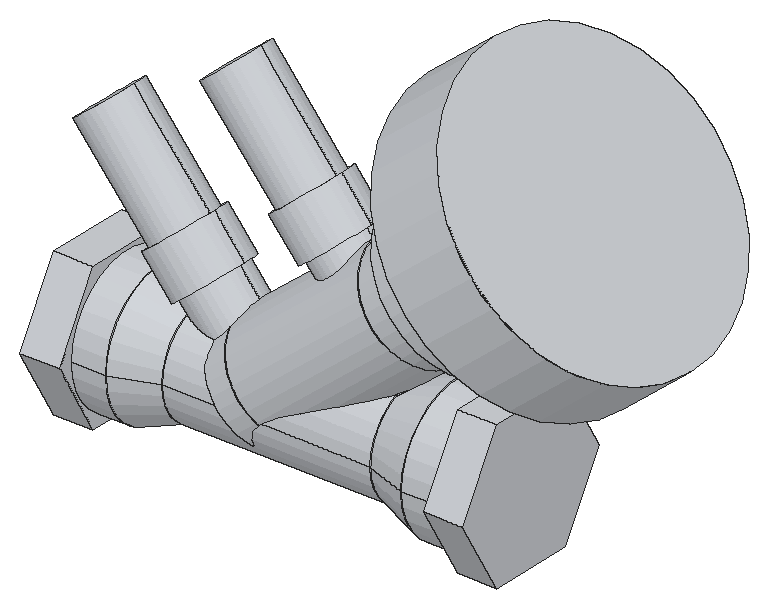
Revit family "D9505-DN20-RFA_2019", category Pipe Accessories, Revit 2019
Family settings
  Round Connector Dimension = Use Diameter
  Part Type = Valve - Breaks Into
  Work Plane-Based = No
  Always vertical = Yes
  Cut with Voids When Loaded = No
  Shared = No
Parameters (values of type "D9505 DN20")
  magiProductId = "82f2a7b1fa884f8cafe37fee21fa09"
  magiProductFamilyId = "283409d322044e8dba8a30d68fed8b"
  magiPartTypeId = 304
  isMeasuringValve [instance] = no
  ang2D [instance] = 0.00°
  W2D = 10 mm
  VersionID = "2.0/2017.10.31.1/VIR_9505_001"
  Use Minimum Symbol Size [instance] = yes
  URL = "http://www.hydronic.cz"
  Type Comments = "závitový; PN25 (-10~+100°C) nebo PN20 (-10~+130°C)"
  RN2 = 16.5 mm
  RN = 19.5 mm
  R7 = 9 mm
  R6 = 7.5 mm
  R5 = 20 mm
  R4 = 13.75 mm
  R3 = 13.75 mm
  R2 = 16.25 mm
  R1 = 12.5 mm
  QmdConnectorList = "301;D;302;D"
  Productdata [instance] = ""
  NUT1 = no
  Manufacturer = "Hydronic Systems Prague s.r.o."
  MC Product Code = "9505 020 (DN20; PN25 kvs4,1)"
  MC Piping Given Pressure Drop [instance] = 0.0 Pa
  L_2 = 51 mm
  L7 = 36 mm
  L6 = 2 mm
  L4 = 13.26 mm
  L3 = 10 mm
  L2__ve = -L2  # -8 mm
  L2D_Min = 3048 mm
  L2D = 77 mm
  L2 = 8 mm
  L1__ve = -L1  # -9 mm
  L1 = 9 mm
  HWR = 35 mm
  H8 = 27 mm
  H7 = 10.8 mm
  H6 = 20.75 mm
  H5 = 15.75 mm
  H4 = 20 mm
  H3 = 12.304 mm
  H2 = 40 mm
  H1 = 6 mm
  Description = "Ruční vyvažovací ventil závitový; bronzový; DN20; kvs4,1"
  D = 20 mm
  CenSd_RN_6 = RN * cos(30.00°)  # 16.887 mm
  CenSd_RN2_6 = RN2 * cos(30.00°)  # 14.289 mm
  CAT0 = yes
Types (7, lengths in mm): name | magiProductId | RN2 | RN | R4 | R3 | R2 | R1 | MC Product Code | L_2 | L4 | L2__ve | L2 | L1__ve | L1 | H8 | H7 | H6 | H5 | H3 | H2 | H1 | Description | D | CenSd_RN_6 | CenSd_RN2_6
  D9505 DN10 | "f06221e9bc9341508f66871c80ccb9" | 13.2 | 15.6 | 11 | 11 | 13 | 10 | "9505 010 (DN10; PN25 kvs0,97)" | 38.5 | 10.01 | -8 | 8 | -7 | 7 | 27.3 | 10.92 | 18 | 13 | 13.859 | 42 | 4 | "Ruční vyvažovací ventil závitový; bronzový; DN10; kvs0,97" | 10 | 13.51 | 11.432
  D9505 DN15 | "7168eb0cb4024df38c6d32127ca87d" | 14.85 | 17.55 | 12.375 | 12.375 | 14.625 | 11.25 | "9505 015 (DN15; PN25 kvs2,67)" | 45 | 11.7 | -8 | 8 | -8 | 8 | 27 | 10.8 | 19.375 | 14.375 | 12.304 | 41 | 5 | "Ruční vyvažovací ventil závitový; bronzový; DN15; kvs2,67" | 15 | 15.199 | 12.86
  D9505 DN20 | "82f2a7b1fa884f8cafe37fee21fa09" | 16.5 | 19.5 | 13.75 | 13.75 | 16.25 | 12.5 | "9505 020 (DN20; PN25 kvs4,1)" | 51 | 13.26 | -8 | 8 | -9 | 9 | 27 | 10.8 | 20.75 | 15.75 | 12.304 | 40 | 6 | "Ruční vyvažovací ventil závitový; bronzový; DN20; kvs4,1" | 20 | 16.887 | 14.289
  D9505 DN25 | "a5bafb2d780d49b5957b650150642c" | 18.15 | 21.45 | 15.125 | 15.125 | 17.875 | 13.75 | "9505 025 (DN25; PN25 kvs6,4)" | 55 | 14.3 | -9 | 9 | -10 | 10 | 27 | 10.8 | 22.125 | 17.125 | 12.304 | 39 | 7 | "Ruční vyvažovací ventil závitový; bronzový; DN25; kvs6,4" | 25 | 18.576 | 15.718
  D9505 DN32 | "a42dead6f7694bcf97a0a9ce0e311e" | 20.46 | 24.18 | 17 | 17.05 | 20.15 | 15.5 | "9505 032 (DN32; PN25 kvs12,0)" | 60.5 | 15.73 | -9.5 | 9.5 | -11.4 | 11.4 | 34.8 | 13.92 | 24.05 | 19.05 | 52.753 | 38 | 8 | "Ruční vyvažovací ventil závitový; bronzový; DN32; kvs12,0" | 32 | 20.94 | 17.719
  D9505 DN40 | "7d52969a8dcd46c581304e64bff261" | 23.1 | 27.3 | 17 | 19.25 | 22.75 | 17.5 | "9505 040 (DN40; PN25 kvs19,5)" | 71 | 18.46 | -10 | 10 | -13 | 13 | 34.8 | 13.92 | 26.25 | 21.25 | 52.753 | 36 | 10 | "Ruční vyvažovací ventil závitový; bronzový; DN40; kvs19,5" | 40 | 23.642 | 20.005
  D9505 DN50 | "2fc06cc644084f6992b3d357430981" | 26.4 | 31.2 | 17 | 22 | 26 | 20 | "9505 050 (DN50; PN25 kvs29,8)" | 80.5 | 20.93 | -11 | 11 | -15 | 15 | 34.8 | 13.92 | 29 | 24 | 52.753 | 34 | 12 | "Ruční vyvažovací ventil závitový; bronzový; DN50; kvs29,8" | 50 | 27.02 | 22.863
Reference planes
  plane 1 "Center (Front/Back)": y = 0
  plane 2 "XYPLANE": z = 0
  plane 3 "Center (Left/Right)": x = 0
  plane 4 "312": through (-487.504, 0, 578.39) normal (0.766, 0, 0.6428)
  plane 5 "176": through (-601.609, 0, -461.752) normal (-0.6428, 0, 0.766)
  plane 6 "173": through (-597.881, 0, -466.195) normal (-0.6428, 0, 0.766)
  plane 7 "163": x = -13.26
  plane 8 "158": x = 24
  plane 9 "157": x = 34
  plane 10 "154": x = -24
  plane 11 "83": through (-604.823, 0, -457.922) normal (-0.6428, 0, 0.766)
  plane 12 "76": through (-464.523, 0, 597.674) normal (0.766, 0, 0.6428)
  plane 13 "73": through (-594.667, 0, -470.026) normal (-0.6428, 0, 0.766)
  plane 14 "70": through (-584.543, 0, -482.091) normal (-0.6428, 0, 0.766)
  plane 15 "69": y = 0
  plane 16 "68": through (-490.569, 0, 575.819) normal (0.766, 0, 0.6428)
  plane 17 "60": through (-432.117, 0, 624.866) normal (0.766, 0, 0.6428)
  plane 18 "57": through (-447.437, 0, 612.01) normal (0.766, 0, 0.6428)
  plane 19 "54": through (-456.863, 0, 604.102) normal (0.766, 0, 0.6428)
  plane 20 "32": through (-492.101, 0, 574.533) normal (0.766, 0, 0.6428)
  plane 21 "31": y = 0
  plane 22 "30": through (564.523, 0, 482.091) normal (0.6428, 0, -0.766)
  plane 23 "21": x = -34
  plane 24 "20": x = 42
  plane 25 "19": x = -42
  plane 26 "13": x = 0
  plane 27 "11": x = 51
  plane 28 "10": x = -51
  plane 29 "9": y = 0
  plane 30 "8": z = 0
  plane 31 "65XY": through (-584.543, 0, -482.091) normal (-0.6428, 0, 0.766)
  plane 32 "65XZ": y = 0
  plane 33 "65YZ": through (-492.101, 0, 574.533) normal (0.766, 0, 0.6428)
  plane 34 "27XY": through (-492.101, 0, 574.533) normal (0.766, 0, 0.6428)
  plane 35 "27XZ": y = 0
  plane 36 "27YZ": through (564.523, 0, 482.091) normal (0.6428, 0, -0.766)
Forms (mm)
  Extrusion 1, solid, visible <- "CAT0"
    sketch origin (-492.101, 0, 574.533) x (0.642788, 0, -0.766044) y (0, 1, 0)
      loop
        circle (750, 0) r 13.75
    from 0 to 6 <- "H1"
  Extrusion 2, solid
    sketch origin (-601.609, 0, -461.752) x (0.766044, 0, 0.642788) y (0, 1, 0)
      loop
        circle (786, 0) r 7.5
    from 0 to 27 <- "H8"
  Extrusion 3, solid
    sketch origin (-594.667, 0, -470.026) x (0.766044, 0, 0.642788) y (0, 1, 0)
      loop
        circle (786, 0) r 9
    from 0 to 10.8 <- "H7"
  Extrusion 4, solid
    sketch origin (-456.863, 0, 604.102) x (0.642788, 0, -0.766044) y (0, 1, 0)
      loop
        circle (750, 0) r 13.75
    from 0 to 12.304 <- "H3"
  Extrusion 5, solid, visible <- "NUT1"
    sketch origin (-456.863, 0, 604.102) x (0.642788, 0, -0.766044) y (0, 1, 0)
      loop
        line (750, 16.5) -> (735.711, 8.25) -> (735.711, -8.25) -> (750, -16.5) -> (764.289, -8.25) -> (764.289, 8.25) -> (750, 16.5)
    from 0 to 9 <- "L1"
  Blend 6, solid, visible <- "CAT0"
    base sketch origin (-24, -750, 0) x (0, 1, 0) y (0, 0, 1)
      loop
        circle (750, 0) r 12.5
    top sketch origin (-24, -750, 0) x (0, 1, 0) y (0, 0, 1)
      loop
        circle (750, 0) r 12.5
    from 0 to 48
  Blend 7, solid
    base sketch origin (34, -750, 0) x (0, 1, 0) y (0, 0, 1)
      loop
        circle (750, 0) r 16.25
    top sketch origin (34, -750, 0) x (0, 1, 0) y (0, 0, 1)
      loop
        circle (750, 0) r 12.5
    from 0 to -10
  Blend 8, solid
    base sketch origin (-34, -750, 0) x (0, 1, 0) y (0, 0, 1)
      loop
        circle (750, 0) r 16.25
    top sketch origin (-34, -750, 0) x (0, 1, 0) y (0, 0, 1)
      loop
        circle (750, 0) r 12.5
    from 0 to 10
  Extrusion 9, solid
    sketch origin (-584.543, 0, -482.091) x (0.766044, 0, 0.642788) y (0, 1, 0)
      loop
        circle (752, 0) r 7.5
    from 0 to 20.75 <- "H6"
  Extrusion 10, solid
    sketch origin (-604.823, 0, -457.922) x (0.766044, 0, 0.642788) y (0, 1, 0)
      loop
        circle (752, 0) r 7.5
    from 0 to 27 <- "H8"
  Extrusion 11, solid
    sketch origin (-584.543, 0, -482.091) x (0.766044, 0, 0.642788) y (0, 1, 0)
      loop
        circle (786, 0) r 7.5
    from 0 to 15.75 <- "H5"
  Extrusion 12, solid
    sketch origin (-597.881, 0, -466.195) x (0.766044, 0, 0.642788) y (0, 1, 0)
      loop
        circle (752, 0) r 9
    from 0 to 10.8 <- "H7"
  Extrusion 13, solid, visible <- "CAT0"
    sketch origin (-432.117, 0, 624.866) x (0.642788, 0, -0.766044) y (0, 1, 0)
      loop
        circle (750, 0) r 35
    from 0 to 20 <- "H4"
  Extrusion 14, solid
    sketch origin (-447.437, 0, 612.01) x (0.642788, 0, -0.766044) y (0, 1, 0)
      loop
        circle (750, 0) r 20
    from 0 to 20 <- "H4"
  Extrusion 15, solid
    sketch origin (-487.504, 0, 578.39) x (0.642788, 0, -0.766044) y (0, 1, 0)
      loop
        circle (750, 0) r 13.75
    from 0 to 40 <- "H2"
  Extrusion 16, solid
    sketch origin (42, -750, 0) x (0, 1, 0) y (0, 0, 1)
      loop
        circle (750, 0) r 16.25
    from 0 to -8 <- "L2__ve"
  Extrusion 17, solid
    sketch origin (-42, -750, 0) x (0, 1, 0) y (0, 0, 1)
      loop
        circle (750, 0) r 16.25
    from 0 to 8 <- "L2"
  Extrusion 18, solid
    sketch origin (51, -750, 0) x (0, 1, 0) y (0, 0, 1)
      loop
        line (730.5, 0) -> (740.25, -16.887) -> (759.75, -16.887) -> (769.5, 0) -> (759.75, 16.887) -> (740.25, 16.887) -> (730.5, 0)
    from 0 to -9 <- "L1__ve"
  Extrusion 19, solid
    sketch origin (-51, -750, 0) x (0, 1, 0) y (0, 0, 1)
      loop
        line (769.5, 0) -> (759.75, 16.887) -> (740.25, 16.887) -> (730.5, 0) -> (740.25, -16.887) -> (759.75, -16.887) -> (769.5, 0)
    from 0 to 9 <- "L1"
  Extrusion 20, solid, not visible
    sketch origin (51, -750, 0) x (0, 1, 0) y (0, 0, 1)
      loop
        circle (750, 0) r 10
    from 0 to -10
  Extrusion 21, solid, not visible
    sketch origin (-51, -750, 0) x (0, 1, 0) y (0, 0, 1)
      loop
        circle (750, 0) r 10
    from 0 to 10
Lines and regions (mm)
  reference lines, not visible
    curve 1: circle (2, 2, 0) r 1 normal (0, 0, 1)
  reference lines
    curve 2: line (25.228, 0, 29.568) -> (28.902, -3.3, 25.19)
    curve 3: line (25.228, 0, 29.568) -> (25.228, -6.6, 29.568)
    curve 4: line (25.228, 0, 29.568) -> (21.554, -3.3, 33.947)
    curve 5: line (51, 0, 0) -> (51, 3.9, -6.755)
    curve 6: line (51, 0, 0) -> (51, 7.8, 0)
    curve 7: line (51, 0, 0) -> (51, 3.9, 6.755)
    curve 8: line (-51, 0, 0) -> (-51, -3.9, -6.755)
    curve 9: line (-51, 0, 0) -> (-51, -7.8, 0)
    curve 10: line (-51, 0, 0) -> (-51, -3.9, 6.755)
Dimensions and locks
  plane 1 "Center (Front/Back)" to curve 1 = 2 mm
  "H1": plane 20 "32" to plane 4 "312"
  "H7": plane 13 "73" to plane 5 "176"
  "H6": plane 14 "70" to plane 6 "173"
  "L4": plane 26 "13" to plane 7 "163"
  "L3": plane 9 "157" to plane 8 "158"
  "L2": plane 24 "20" to plane 9 "157"
  "L3": plane 23 "21" to plane 10 "154"
  "H7": plane 6 "173" to plane 11 "83"
  "L7": plane 33 "65YZ" to plane 12 "76"
  "H5": plane 14 "70" to plane 13 "73"
  locked: plane 31 "65XY" to plane 14 "70" at 0
  locked: plane 29 "9" to plane 15 "69"
  "L6": plane 33 "65YZ" to plane 16 "68"
  "H4": plane 18 "57" to plane 17 "60"
  "H3": plane 19 "54" to plane 18 "57"
  "H2": plane 4 "312" to plane 19 "54"
  locked: plane 34 "27XY" to plane 20 "32" at 0
  locked: plane 29 "9" to plane 21 "31"
  locked: plane 36 "27YZ" to plane 22 "30"
  "L2": plane 25 "19" to plane 23 "21"
  "L1": plane 27 "11" to plane 24 "20"
  "L1": plane 28 "10" to plane 25 "19"
  locked: plane 3 "Center (Left/Right)" to plane 26 "13"
  "L_2": plane 3 "Center (Left/Right)" to plane 27 "11"
  "L_2": plane 3 "Center (Left/Right)" to plane 28 "10"
  locked: plane 1 "Center (Front/Back)" to plane 29 "9"
  locked: plane 2 "XYPLANE" to plane 30 "8"
  "CenSd_RN2_6": curve 2 to Extrusion 5 sketch curve  (x2)
  "CenSd_RN2_6": curve 3 to Extrusion 5 sketch curve  (x2)
  "CenSd_RN2_6": curve 4 to Extrusion 5 sketch curve  (x2)
  Extrusion 5 sketch curve to Extrusion 5 sketch curve = 0 mm  (x12)
  "CenSd_RN_6": curve 5 to Extrusion 18 sketch curve  (x2)
  "CenSd_RN_6": curve 6 to Extrusion 18 sketch curve  (x2)
  "CenSd_RN_6": curve 7 to Extrusion 18 sketch curve  (x2)
  Extrusion 18 sketch curve to Extrusion 18 sketch curve = 0 mm  (x12)
  "CenSd_RN_6": curve 8 to Extrusion 19 sketch curve  (x2)
  "CenSd_RN_6": curve 9 to Extrusion 19 sketch curve  (x2)
  "CenSd_RN_6": curve 10 to Extrusion 19 sketch curve  (x2)
  Extrusion 19 sketch curve to Extrusion 19 sketch curve = 0 mm  (x12)
  "R3": radius of Extrusion 1 sketch curve
  "R6": radius of Extrusion 2 sketch curve
  "R7": radius of Extrusion 3 sketch curve
  "R4": radius of Extrusion 4 sketch curve
  "R1": radius of Blend 6 sketch curve  (x2)
  "R1": radius of Blend 7 sketch curve
  "R2": radius of Blend 7 sketch curve
  "R1": radius of Blend 8 sketch curve
  "R2": radius of Blend 8 sketch curve
  "R6": radius of Extrusion 9 sketch curve
  "R6": radius of Extrusion 10 sketch curve
  "R6": radius of Extrusion 11 sketch curve
  "R7": radius of Extrusion 12 sketch curve
  "HWR": radius of Extrusion 13 sketch curve
  "R5": radius of Extrusion 14 sketch curve
  "R3": radius of Extrusion 15 sketch curve
  "R2": radius of Extrusion 16 sketch curve
  "R2": radius of Extrusion 17 sketch curve
  locked: curve 3 to curve 2 (angle 60.00°)
  locked: curve 4 to curve 3 (angle 60.00°)
  locked: curve 4 to curve 2 (angle 120.00°)
  locked: curve 6 to curve 5 (angle 60.00°)
  locked: curve 7 to curve 6 (angle 60.00°)
  locked: curve 7 to curve 5 (angle 120.00°)
  locked: curve 9 to curve 8 (angle 60.00°)
  locked: curve 10 to curve 9 (angle 60.00°)
  locked: curve 10 to curve 8 (angle 120.00°)
  aligned and locked: level to plane 2 "XYPLANE"
  aligned and locked: plane 21 "31" to Extrusion 1 sketch curve
  aligned and locked: Extrusion 1 sketch curve to plane 22 "30"
  aligned and locked: Extrusion 2 sketch curve to plane 12 "76"
  aligned and locked: plane 15 "69" to Extrusion 2 sketch curve
  aligned and locked: Extrusion 3 sketch curve to plane 12 "76"
  aligned and locked: plane 15 "69" to Extrusion 3 sketch curve
  aligned and locked: plane 21 "31" to Extrusion 4 sketch curve
  aligned and locked: Extrusion 4 sketch curve to plane 22 "30"
  aligned and locked: curve 2 to plane 22 "30"
  aligned and locked: plane 21 "31" to curve 3
  aligned and locked: Blend 6 sketch curve to plane 29 "9"  (x2)
  aligned and locked: plane 30 "8" to Blend 6 sketch curve  (x2)
  aligned and locked: plane 8 "158" to Blend 6
  aligned and locked: Blend 7 sketch curve to plane 29 "9"  (x2)
  aligned and locked: plane 30 "8" to Blend 7 sketch curve  (x2)
  aligned and locked: Blend 7 to plane 8 "158"
  aligned and locked: Blend 8 sketch curve to plane 29 "9"  (x2)
  aligned and locked: plane 30 "8" to Blend 8 sketch curve  (x2)
  aligned and locked: plane 10 "154" to Blend 8
  aligned and locked: plane 15 "69" to Extrusion 9 sketch curve
  aligned and locked: Extrusion 9 sketch curve to plane 16 "68"
  aligned and locked: plane 15 "69" to Extrusion 10 sketch curve
  aligned and locked: Extrusion 10 sketch curve to plane 16 "68"
  aligned and locked: Extrusion 11 sketch curve to plane 12 "76"
  aligned and locked: plane 15 "69" to Extrusion 11 sketch curve
  aligned and locked: plane 15 "69" to Extrusion 12 sketch curve
  aligned and locked: Extrusion 12 sketch curve to plane 16 "68"
  aligned and locked: plane 21 "31" to Extrusion 13 sketch curve
  aligned and locked: Extrusion 13 sketch curve to plane 22 "30"
  aligned and locked: plane 21 "31" to Extrusion 14 sketch curve
  aligned and locked: Extrusion 14 sketch curve to plane 22 "30"
  aligned and locked: plane 21 "31" to Extrusion 15 sketch curve
  aligned and locked: Extrusion 15 sketch curve to plane 22 "30"
  aligned and locked: Extrusion 16 sketch curve to plane 29 "9"
  aligned and locked: plane 30 "8" to Extrusion 16 sketch curve
  aligned and locked: Extrusion 17 sketch curve to plane 29 "9"
  aligned and locked: plane 30 "8" to Extrusion 17 sketch curve
  aligned and locked: curve 7 to plane 29 "9"
  aligned and locked: plane 30 "8" to curve 7
  aligned and locked: curve 10 to plane 29 "9"
  aligned and locked: plane 30 "8" to curve 10
  aligned and locked: Extrusion 20 sketch curve to plane 29 "9"
  aligned and locked: plane 30 "8" to Extrusion 20 sketch curve
  aligned and locked: Extrusion 21 sketch curve to plane 29 "9"
  aligned and locked: plane 30 "8" to Extrusion 21 sketch curve
Automatic sketch dimensions
  plane 1 "Center (Front/Back)" to Extrusion 20 sketch curve = 10 mm
  plane 1 "Center (Front/Back)" to Extrusion 21 sketch curve = 10 mm
  plane 3 "Center (Left/Right)" to curve 1 = 2 mm
  radius of curve 1 = 1 mm
Connectors
  piping at (-51, 0, 0), diameter 20, driven by "D"
    settings: on Extrusion 21, index 1, connector inside diameter 609.6 mm, connector length 0 mm, flow factor 0, pipe flow 0.0 L/s, pressure drop 0.0 Pa, fitting loss kfactor 0, connector angle 0.00°, fixture units 0, engagement length 0 mm, angle of deflection 0.00°, flow configuration 0, flow direction 0, fitting loss method 0, system type 29, joint type 0, gender type 0, connector reference index 2, connector utility 0, adjustable connector no, is connector primary yes, connector description ""
  piping at (51, 0, 0), diameter 20, driven by "D"
    settings: on Extrusion 20, index 2, connector inside diameter 609.6 mm, connector length 0 mm, flow factor 0, pipe flow 0.0 L/s, pressure drop 0.0 Pa, fitting loss kfactor 0, connector angle 0.00°, fixture units 0, engagement length 0 mm, angle of deflection 0.00°, flow configuration 0, flow direction 0, fitting loss method 0, system type 29, joint type 0, gender type 0, connector reference index 1, connector utility 0, adjustable connector no, is connector primary no, connector description ""
